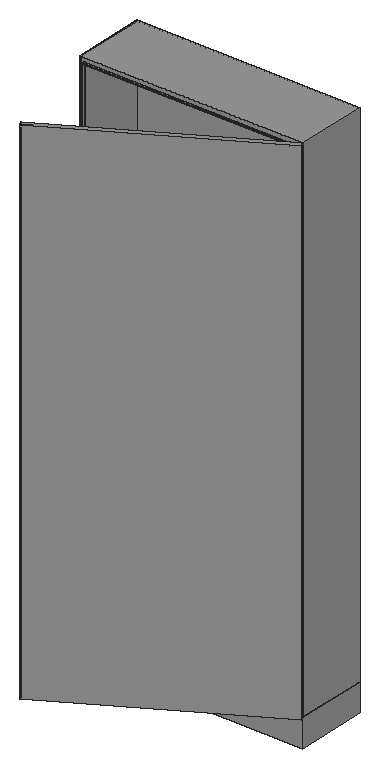
Revit family "Hager-Univers-IP55-D275-H1950-Cl.II-Steel_encl-NoHosted-FR-fr", category Electrical Equipment, Revit 2020
Family settings
  Panel Configuration = Two Columns, Circuits Across
  Round Connector Dimension = Use Diameter
  Part Type = Panelboard
  Work Plane-Based = Yes
  Always vertical = Yes
  Cut with Voids When Loaded = No
  Shared = No
  Room Calculation Point = No
Parameters (values of type "installation au sol IP55 L800 H1950 P275  - FR23S1")
  Width Control [instance] = if([EF000008 - largeur] > Min Width, [EF000008 - largeur], Min Width)  # 800 mm
  Type Comments = [HG000003 - Gamme]  # "Univers"
  Thickness Door [instance] = if([EF009171 - épaisseur de matériau de la porte/du couvercle] > 3 mm, 3 mm, [EF009171 - épaisseur de matériau de la porte/du couvercle])  # 1.5 mm
  Seal Frame Offset [instance] = 17 mm  # constant formula
  Plinth Visibility [instance] = [HG000027 - Hauteur du socle] > 0 mm  # yes
  Min Width [instance] = 100 mm  # constant formula
  Min Depth [instance] = (2 * [EF009170 - épaisseur de matériau du boîtier]) + 1 mm  # 4 mm
  Min Height [instance] = 100 mm  # constant formula
  Internal Frame Depth [instance] = (Door System Depth * 0.5)  # 9 mm
  Panel Name [instance] = ""  # (empty or 0)
  Model = ""
  HG000027 - Hauteur du socle = 100 mm
  HG000026 - Installation au sol = yes
  HG000024 - Hauteur de la section basse = 600 mm
  HG000023 - Armoire double section = no
  HG000016 - Visibilité de la porte 3D [instance] = yes
  HG000015 - Visibilité de l'emprise de la porte [instance] = no
  HG000014 - Porte à droite [instance] = yes
  HG000013 - Porte à gauche [instance] = not([HG000014 - Porte à droite])  # no
  HG000012 - Angle de pivotement de la porte [instance] = 30.00°
  HG000010 - Portes asymétriques = no
  HG000009 - Porte à double battant = no
  HG000006 - Encastré = no
  HG000004 - Référence fabricant = "FR23S1"
  HG000003 - Gamme = "Univers"
  HG000002 - avec porte = yes
  Frame Offset Bottom [instance] = 10 mm  # constant formula
  Frame Offset [instance] = 15 mm  # constant formula
  EF015940 - couvercle avec décharge de pression = no
  EF011959 - degré de protection (NEMA) = ""
  EF009554 - nombre d'ouvertures pour plaques à bride = 6
  EF009212 - finition du couvercle = "EV000116 - fermé"
  EF009171 - épaisseur de matériau de la porte/du couvercle = 1.5 mm
  EF009170 - épaisseur de matériau du boîtier = 1.5 mm
  EF008873 - courant nominal (In) = 800 A
  EF007800 - adapté à un parafoudre = no
  EF006306 - avec serrure = no
  EF006244 - couvercle/porte transparent(e) = no
  EF005474 - indice de protection (IP) = "EV006420 - IP55"
  EF004464 - type de porte = "EV002646 - unique"
  EF004427 - nombre de modules = 432
  EF004293 - indice de protection contre les chocs (IK) = "EV008784 - IK10"
  EF003532 - convient pour utilisation à l’extérieur = no
  EF002950 - largeur en nombre de modules = 24
  EF001613 - maintien de fonction = "EV000494 - sans"
  EF001596 - matériau du boîtier/corps = "EV000179 - acier"
  EF001131 - profondeur intérieure = 275 mm
  EF001088 - possibilité de montage en saillie = yes
  EF000437 - nombre d'entrées de conduit = 6
  EF000339 - type de capot = "EV004216 - porte"
  EF000266 - nombre de rangées = 12
  EF000218 - profondeur d'encastrement = 0 mm
  EF000118 - avec cadre/support de montage = no
  EF000116 - numéro RAL = "7035"
  EF000049 - profondeur = 275 mm
  EF000040 - hauteur = 1950 mm
  EF000008 - largeur = 800 mm
  EF000007 - couleur = "EV000270 - gris"
  EF000003 - mode de pose = "EV012274 - installation au sol"
  Door System Leaf Tolerance [instance] = 1.5 mm  # constant formula
  Door System Depth [instance] = 18 mm  # constant formula
  Door Height [instance] = Height Control - [HG000027 - Hauteur du socle]  # 1850 mm
  Description = ""
  Default Elevation = 1219.2 mm
  Connector Offset [instance] = Height Control / 2  # 975 mm
  Manufacturer = "Hager"  # constant formula
  Height Control [instance] = if([EF000040 - hauteur] > Min Height, [EF000040 - hauteur], Min Height)  # 1950 mm
  Depth Control [instance] = if([EF000049 - profondeur] > Min Depth, [EF000049 - profondeur], Min Depth)  # 275 mm
  Bottom Top Plate Trim [instance] = 1.5 mm  # constant formula
  Plinth height Ctrl [instance] = if([HG000027 - Hauteur du socle] > 0 mm, [HG000027 - Hauteur du socle], 12 mm)  # 100 mm
Types (6, lengths in mm): name | Width Control | HG000010 - Portes asymétriques | HG000009 - Porte à double battant | HG000004 - Référence fabricant | EF009554 - nombre d'ouvertures pour plaques à bride | EF004464 - type de porte | EF004427 - nombre de modules | EF000437 - nombre d'entrées de conduit | EF000008 - largeur
  installation au sol IP55 L1050 H1950 P275  - FR24S1 | 1050 | yes | yes | "FR24S1" | 8 | "EV003602 - double" | 576 | 8 | 1050
  installation au sol IP55 L1300 H1950 P275  - FR25S1 | 1300 | yes | yes | "FR25S1" | 10 | "EV003602 - double" | 720 | 10 | 1300
  installation au sol IP55 L1550 H1950 P275  - FR26S1 | 1550 | yes | yes | "FR26S1" | 12 | "EV003602 - double" | 864 | 12 | 1550
  installation au sol IP55 L300 H1950 P275  - FR21S1 | 300 | no | no | "FR21S1" | 2 | "EV002646 - unique" | 144 | 2 | 300
  installation au sol IP55 L550 H1950 P275  - FR22S1 | 550 | no | no | "FR22S1" | 4 | "EV002646 - unique" | 288 | 4 | 550
  installation au sol IP55 L800 H1950 P275  - FR23S1 | 800 | no | no | "FR23S1" | 6 | "EV002646 - unique" | 432 | 6 | 800
Reference planes
  plane 1 "Center (Front/Back)": y = 0
  plane 2: z = 0
  plane 3 "Center (Left/Right)": x = 0
  plane 4: y = 0
  plane 5: y = 0
  plane 6: z = 0
  plane 7: x = -400
  plane 8: x = 400
  plane 9: x = 398.5
  plane 10: x = -398.5
  plane 11: z = 100
  plane 12: z = 101.5
  plane 13: y = -275
  plane 14: y = -1.5
  plane 15: x = 0
  plane 16: y = -257
  plane 17: y = -273.5
  plane 18: y = -255.5
  plane 19: x = -383.5
  plane 20: x = 383.5
  plane 21: z = 111.5
  plane 22: x = -383
  plane 23: x = 383
  plane 24: z = 100
  plane 25: z = 1950
  plane 26: z = 1950
  plane 27: z = 1933.5
  plane 28: z = 1948.5
Forms (mm)
  Extrusion 1, solid, material "Hager_Steel_RAL7035_Light_Grey", detail levels medium+fine
    sketch origin (-208.679, -4572, 100) x (-1, 0, 0) y (0, -1, 0)
      loop
        line (191.321, -4315) -> (-608.679, -4315) -> (-608.679, -4572) -> (191.321, -4572) -> (191.321, -4315)
    from 0 to 1850
  Extrusion 2, void
    sketch origin (-350.771, -275, 1219.2) x (1, 0, 0) y (0, 0, 1)
      loop
        line (-47.729, 729.3) -> (-47.729, -1117.7) -> (749.271, -1117.7) -> (749.271, 729.3) -> (-47.729, 729.3)
    from -19.5 to -273.5
  Extrusion 3, void
    sketch origin (-290.084, -257, 1219.2) x (1, 0, 0) y (0, 0, 1)
      loop
        line (-93.416, -1107.7) -> (673.584, -1107.7) -> (673.584, 714.3) -> (-93.416, 714.3) -> (-93.416, -1107.7)
    from 0 to -1.5
  Extrusion 4, solid, material "Hager_Steel_RAL7035_Light_Grey", visible <- "Plinth Visibility", detail levels medium+fine
    sketch origin (0, 0, 0) x (1, 0, 0) y (0, 1, 0)
      loop
        line (-400, 0) -> (-400, -257) -> (400, -257) -> (400, 0) -> (-400, 0)
    from 0 to 100 <- "Plinth height Ctrl"
  Extrusion 5, solid, material "Hager_Steel_RAL7035_Light_Grey", detail levels coarse
    sketch origin (0, 0, 0) x (1, 0, 0) y (0, 1, 0)
      loop
        line (-400, 0) -> (-400, -275) -> (400, -275) -> (400, 0) -> (-400, 0)
    from 0 to 1950 <- "Height Control"
  Sweep 6, void
    path in 3D
      loop
        line (-400, -257, 100) -> (400, -257, 100) -> (400, 0, 100) -> (-400, 0, 100) -> (-400, -257, 100)
    profile origin (-400, -128.5, 100) x (1, 0, 0) y (0, 0, 1)
      loop
        line (0, 0) -> (0, -1.5) -> (1.5, -1.5)
        arc (1.5, -1.5) -> (1.061, -0.439) -> (0, 0) r 1.5
  Extrusion 7, solid, material "Hager_Steel_RAL7035_Light_Grey", detail levels fine
    sketch origin (-400, -257, 100) x (1, 0, 0) y (0, 0, 1)
      loop
        line (16.5, 11.5) -> (783.5, 11.5) -> (783.5, 1833.5) -> (16.5, 1833.5) -> (16.5, 11.5)
      loop
        line (15, 10) -> (785, 10) -> (785, 1835) -> (15, 1835) -> (15, 10)
    from 0 to 9 <- "Internal Frame Depth"
Cuts and joins
  Extrusion 2, Extrusion 3 cuts Extrusion 1
  Sweep 6 cuts Extrusion 4
Lines and regions (mm)
  Masking region 1
    outline origin (0, 0, 0) x (1, 0, 0) y (0, 1, 0)
      loop
        line (-400, 0) -> (-400, -275) -> (400, -275) -> (400, 0) -> (-400, 0)
  Masking region 2, detail levels coarse
    outline origin (-290.084, -257, 1219.2) x (-1, 0, 0) y (0, 0, 1)
      loop
        line (-690.084, -1219.2) -> (109.916, -1219.2) -> (109.916, 730.8) -> (-690.084, 730.8) -> (-690.084, -1219.2)
  Masking region 3, detail levels coarse
    outline origin (0, 0, 0) x (0, 1, 0) y (0, 0, 1)
      loop
        line (0, 0) -> (0, 1950) -> (-275, 1950) -> (-275, 0) -> (0, 0)
  Masking region 4, visible <- "Plinth Visibility", detail levels medium+fine
    outline origin (0, 0, 0) x (0, 1, 0) y (0, 0, 1)
      loop
        line (-1.5, 100) -> (-255.5, 100)
        arc (-255.5, 100) -> (-255.939, 98.939) -> (-257, 98.5) r 1.5
        line (-257, 98.5) -> (-257, 0) -> (0, 0) -> (0, 98.5)
        arc (0, 98.5) -> (-1.061, 98.939) -> (-1.5, 100) r 1.5
  Masking region 5, detail levels medium+fine
    outline origin (0, 0, 594.038) x (0, 1, 0) y (0, 0, 1)
      loop
        line (0, -494.038) -> (0, 1355.962) -> (-257, 1355.962) -> (-257, -494.038) -> (0, -494.038)
  Masking region 6, detail levels medium+fine
    outline origin (-359.7, -257, 1211.883) x (-1, 0, 0) y (0, 0, 1)
      loop
        line (-759.7, -1111.883) -> (40.3, -1111.883) -> (40.3, 738.117) -> (-759.7, 738.117) -> (-759.7, -1111.883)
  Masking region 7, visible <- "Plinth Visibility", detail levels medium+fine
    outline origin (-320.334, -257, 1041.368) x (-1, 0, 0) y (0, 0, 1)
      loop
        line (-720.334, -1041.368) -> (79.666, -1041.368) -> (79.666, -942.868)
        arc (79.666, -942.868) -> (78.606, -942.429) -> (78.166, -941.368) r 1.5
        line (78.166, -941.368) -> (-718.834, -941.368)
        arc (-718.834, -941.368) -> (-719.273, -942.429) -> (-720.334, -942.868) r 1.5
        line (-720.334, -942.868) -> (-720.334, -1041.368)
  sketch lines
    curve 1: line (-400, 0, 100) -> (-400, -257, 100)
    curve 2: line (-400, -257, 100) -> (400, -257, 100)
    curve 3: line (400, 0, 100) -> (-400, 0, 100)
    curve 4: line (400, -257, 100) -> (400, 0, 100)
Dimensions and locks
  locked: plane 1 "Center (Front/Back)" to plane 5
  "EF009170 - épaisseur de matériau du boîtier": plane 7 to plane 10
  "EF009170 - épaisseur de matériau du boîtier": plane 8 to plane 9
  equal spacing: plane 7, plane 3 "Center (Left/Right)", plane 8
  "Width Control": plane 7 to plane 8
  "Depth Control": plane 4 to plane 13
  "EF009170 - épaisseur de matériau du boîtier": plane 4 to plane 14
  "Height Control": plane 25 to level
  "HG000027 - Hauteur du socle": plane 11 to level
  "EF009170 - épaisseur de matériau du boîtier": plane 12 to plane 11
  "EF009170 - épaisseur de matériau du boîtier": plane 17 to plane 13
  "EF009170 - épaisseur de matériau du boîtier": plane 18 to plane 16
  "Frame Offset Bottom": plane 21 to plane 12
  "Frame Offset": plane 10 to plane 19
  "Frame Offset": plane 9 to plane 20
  "Door System Depth": plane 16 to plane 13
  "Seal Frame Offset": plane 7 to plane 22
  "Seal Frame Offset": plane 8 to plane 23
  "EF009170 - épaisseur de matériau du boîtier": plane 26 to plane 28
  "Frame Offset": plane 28 to plane 27
  "Connector Offset": plane 2 to connector elem
  "Bottom Top Plate Trim": profile plane to Sweep 6 sketch curve
  "Bottom Top Plate Trim": Sweep 6 sketch curve to Sweep 6 sketch curve
  "Plinth height Ctrl": Masking region 4 sketch curve to level
  "Plinth height Ctrl": Masking region 7 sketch curve to level
  "Thickness Door": Extrusion 7 sketch curve to Extrusion 7 sketch curve  (x4)
  "Bottom Top Plate Trim": radius of Sweep 6 sketch curve
  "Bottom Top Plate Trim": radius of Masking region 4 sketch curve  (x2)
  "Bottom Top Plate Trim": radius of Masking region 7 sketch curve  (x2)
  aligned and locked: Extrusion 2 sketch curve to plane 12
  aligned and locked: Extrusion 2 sketch curve to plane 9
  aligned and locked: Extrusion 2 sketch curve to plane 10
  aligned and locked: Extrusion 2 to plane 14
  aligned and locked: Extrusion 1 sketch curve to plane 4
  aligned and locked: plane 8 to Extrusion 1 sketch curve
  aligned and locked: plane 7 to Extrusion 1 sketch curve
  aligned and locked: Extrusion 2 to plane 18
  aligned and locked: Extrusion 3 sketch curve to plane 19
  aligned and locked: plane 20 to Extrusion 3 sketch curve
  aligned and locked: Extrusion 3 to Extrusion 2
  aligned and locked: Extrusion 3 sketch curve to plane 21
  aligned and locked: plane 3 "Center (Left/Right)" to nested 1
  aligned and locked: Extrusion 1 sketch curve to plane 16
  aligned and locked: Extrusion 4 sketch curve to cut or joined group of Extrusion 1, Extrusion 2, Extrusion 3
  aligned and locked: Masking region 1 sketch curve to plane 7
  aligned and locked: Masking region 1 sketch curve to plane 5
  aligned and locked: Masking region 1 sketch curve to plane 8
  aligned and locked: Masking region 2 sketch curve to level
  aligned and locked: level to Masking region 3 sketch curve
  aligned and locked: plane 1 "Center (Front/Back)" to Masking region 3 sketch curve
  aligned and locked: plane 13 to Masking region 3 sketch curve
  aligned and locked: plane 5 to Masking region 4 sketch curve
  aligned and locked: Masking region 2 sketch curve to plane 8
  aligned and locked: Masking region 2 sketch curve to plane 7
  aligned and locked: plane 7 to nested 2
  aligned and locked: nested 2 to plane 5
  aligned and locked: plane 5 to Masking region 5 sketch curve
  aligned and locked: plane 26 to Masking region 5 sketch curve
  aligned and locked: Extrusion 5 sketch curve to plane 8
  aligned and locked: Extrusion 5 sketch curve to plane 7
  aligned and locked: Extrusion 5 sketch curve to plane 5
  aligned and locked: Extrusion 3 sketch curve to plane 27
  aligned and locked: Extrusion 2 sketch curve to plane 28
  aligned and locked: Masking region 2 to plane 25
  aligned and locked: Extrusion 4 to plane 16
  aligned and locked: profile plane to Sweep 6 sketch curve
  aligned and locked: Masking region 5 sketch curve to plane 24
  aligned and locked: level to Masking region 4 sketch curve
  aligned and locked: Masking region 1 to plane 13
  aligned and locked: nested 1 to plane 16
  aligned and locked: Masking region 3 to plane 25
  aligned and locked: plane 16 to Masking region 4 sketch curve
  aligned and locked: Masking region 5 sketch curve to plane 16
  aligned and locked: plane 24 to plane 11
  aligned and locked: plane 26 to plane 25
  aligned and locked: plane 26 to cut or joined group of Extrusion 1, Extrusion 2, Extrusion 3
  aligned and locked: nested 1 to plane 24
  aligned and locked: Extrusion 1 to Extrusion 3
  aligned and locked: Masking region 6 sketch curve to plane 8
  aligned and locked: Masking region 6 sketch curve to plane 24
  aligned and locked: Masking region 6 sketch curve to plane 7
  aligned and locked: Masking region 6 sketch curve to plane 26
  aligned and locked: Masking region 7 sketch curve to plane 7
  aligned and locked: level to Masking region 7 sketch curve
  aligned and locked: Masking region 7 sketch curve to plane 8
  aligned and locked: Extrusion 7 sketch curve to cut or joined group of Extrusion 1, Extrusion 2, Extrusion 3  (x4)
Automatic sketch dimensions
  plane 19 to Extrusion 3 sketch curve = 0 mm
  Extrusion 3 sketch curve to plane 20 = 0 mm
  Extrusion 3 sketch curve to plane 21 = 0 mm
  Extrusion 4 sketch curve to plane 7 = 0 mm
  Extrusion 4 sketch curve to plane 8 = 0 mm
  Extrusion 4 sketch curve to plane 16 = 0 mm
  Masking region 1 sketch curve to plane 13 = 0 mm
  Masking region 2 sketch curve to plane 25 = 0 mm
  Masking region 3 sketch curve to plane 25 = 0 mm
  Extrusion 5 sketch curve to plane 13 = 0 mm
  profile plane to Sweep 6 sketch curve = 0 mm
Nested families
  nested 1: "EC000058_Univers_Door" at (0, -257, 100), Double <- "HG000009 - Porte à double battant", Transparent <- "EF006244 - couvercle/porte transparent(e)", Angle <- "HG000012 - Angle de pivotement de la porte", Door_Right <- "HG000014 - Porte à droite", Assymetrical <- "HG000010 - Portes asymétriques", Door <- "HG000002 - avec porte", Width_Ctrl <- "Width Control", 3d_Door <- "HG000016 - Visibilité de la porte 3D", Clearance <- "HG000015 - Visibilité de l'emprise de la porte", Door_Left <- "HG000013 - Porte à gauche", Width <- "Width Control", Door_Depth <- "Door System Depth", Leaf_Tolerance <- "Door System Leaf Tolerance", Height <- "Door Height", Lock_Visibility <- "EF006306 - avec serrure", Thickness <- "Thickness Door", type "EC000058_Univers_Door", detail levels medium+fine
    with min_wh 4 mm, Width_Ctrl 800 mm, Width 800 mm, Transparent no, Thickness 1.5 mm, Seal_Material Hager_Rubber, Lock_Visibility no, Lock_Material Hager_Plastic_RAL9005_Jet_Black, Leaf_Width 800 mm, Leaf_Tolerance_External_Sides 0 mm, Leaf_Tolerance 1.5 mm, Leaf_Offset 0 mm, Leaf_Height 1847 mm, Leaf_2_Width 800 mm, Leaf_2_Offset 400 mm, Leaf_1_Width 800 mm, Leaf_1_Offset 400 mm, Height_Ctrl 1850 mm, Height 1850 mm, Glass_Material Hager_Glass, Double_Clearance_Ctrl no, Double no, Door_Right_Ctrl yes, Door_Right yes, Door_Material Hager_Steel_RAL7035_Light_Grey, Door_Left_Ctrl no, Door_Left no, Door_Depth 18 mm, Door yes, Clearance_Material Hager_Clearance, Clearance_Depth 800 mm, Clearance_Ctrl no, Clearance no, Assymetrical no, Angle 30.00°, 3d_Door yes
  nested 2: "Hager_Enclosure_Symbol" at (-400, 0, 0), Height <- "Depth Control", Width <- "Width Control", type "Hager_Enclosure_Symbol"
    with Width_Ctrl 800 mm, Width 800 mm, Height_Ctrl 275 mm, Height 275 mm, A_Width_Int 18.047 mm, A_Width 216.562 mm, A_Height_Ctrl 240.625 mm, A_Height 240.625 mm
Connectors
  electrical at (0, 0, 975)
    settings: on plane 1 "Center (Front/Back)", index 1, voltage 0 V, apparent load 0 VA, apparent load phase1 0 VA, apparent load phase2 0 VA, apparent load phase3 0 VA, power factor 1, load classification "Other", number of poles 1, system type 30, power factor state 1, is connector primary yes, connector utility no, sub classification motor no, connector description ""
Definition of nested family "EC000058_Univers_Door"
  Parameters (values of type "EC000058_Univers_Door")
    min_wh [instance] = (2 * Thickness) + 1 mm  # 11 mm
    Width_Ctrl [instance] = 400 mm
    Width [instance] = 500 mm
    Transparent [instance] = yes
    Thickness [instance] = 5 mm
    Seal_Material [instance] = none
    Lock_Visibility [instance] = yes
    Lock_Material [instance] = none
    Leaf_Width [instance] = if((Width_Ctrl - 2 * Leaf_Tolerance_External_Sides) > 0 mm, (Width_Ctrl - 2 * Leaf_Tolerance_External_Sides), min_wh)  # 400 mm
    Leaf_Tolerance_External_Sides [instance] = 0 mm  # constant formula
    Leaf_Tolerance [instance] = 1.5 mm
    Leaf_Offset [instance] = 0 mm  # constant formula
    Leaf_Height [instance] = if((Height_Ctrl - 2 * Leaf_Tolerance) > 0 mm, (Height_Ctrl - 2 * Leaf_Tolerance), min_wh)  # 497 mm
    Leaf_2_Width [instance] = if(and(and(Double, Assymetrical), Door_Left), (Leaf_Width / 3) - (Leaf_Tolerance / 2), if(and(and(Double, Assymetrical), Door_Right), (Leaf_Width / 3) * 2 - (Leaf_Tolerance / 2), if(and(Double, not(Assymetrical)), (Leaf_Width / 2) - Leaf_Tolerance, Leaf_Width)))  # 400 mm
    Leaf_2_Offset [instance] = if(and(Double, Assymetrical), Leaf_2_Width / 2, if(and(Double, not(Assymetrical)), Leaf_Width / 4, Leaf_Width / 2))  # 200 mm
    Leaf_1_Width [instance] = if(and(and(Double, Assymetrical), Door_Right), (Leaf_Width / 3) - (Leaf_Tolerance / 2), if(and(and(Double, Assymetrical), Door_Left), (Width / 3) * 2 - (Leaf_Tolerance / 2), if(and(Double, not(Assymetrical)), (Leaf_Width / 2) - Leaf_Tolerance, Leaf_Width)))  # 400 mm
    Leaf_1_Offset [instance] = if(and(Double, Assymetrical), Leaf_1_Width / 2, if(and(Double, not(Assymetrical)), Leaf_Width / 4, Leaf_Width / 2))  # 200 mm
    Height_Ctrl [instance] = if(Height > min_wh, Height, min_wh)  # 500 mm
    Height [instance] = 500 mm
    Glass_Material [instance] = none
    Double_Clearance_Ctrl [instance] = and(Double, Clearance)  # no
    Double [instance] = no
    Door_Right_Ctrl [instance] = and(or(Door_Right, Double), Door)  # yes
    Door_Right [instance] = yes
    Door_Material [instance] = none
    Door_Left_Ctrl [instance] = and(or(Door_Left, Double), Door)  # no
    Door_Left [instance] = no
    Door_Depth [instance] = 30 mm
    Door [instance] = yes
    Default Elevation = 1219.2 mm
    Clearance_Material [instance] = none
    Clearance_Depth [instance] = if(Leaf_1_Width > Leaf_2_Width, Leaf_1_Width, Leaf_2_Width)  # 400 mm
    Clearance_Ctrl [instance] = and(not(Double), Clearance)  # yes
    Clearance [instance] = yes
    Assymetrical [instance] = yes
    Angle [instance] = 30.00°
    3d_Door [instance] = yes
  Reference planes
    plane 1 "Center (Front/Back)": y = 0
    plane 2 "Bottom": z = 0
    plane 3 "Center (Left/Right)": x = 0
    plane 4: z = 500
    plane 5: x = -200
    plane 6: x = 200
    plane 7: z = 500
    plane 8: x = -200
    plane 9: z = 0
    plane 10: x = 200
    plane 11: y = 0
    plane 12: z = 1.5
    plane 13: x = -600
    plane 14: y = -400
    plane 15: x = 600
    plane 16: x = 0
    plane 17: x = 0
    plane 18: x = -200
    plane 19: x = 200
    plane 20: z = 498.5
  Forms (mm)
    Extrusion 1, solid, material <- "Clearance_Material", visible <- "Double_Clearance_Ctrl"
      sketch origin (1200, 0, 0) x (1, 0, 0) y (0, 0, -1)
        loop
          line (-1800, -498.5) -> (-600, -498.5) -> (-600, 0) -> (-1800, 0) -> (-1800, -498.5)
      from 0 to -400
  Dimensions and locks
    equal spacing: plane 5, plane 3 "Center (Left/Right)", plane 6
    "Width_Ctrl": plane 5 to plane 6
    "Leaf_Offset": plane 5 to plane 8
    "Leaf_Offset": plane 6 to plane 10
    "Leaf_Offset": plane 9 to level
    "Leaf_Offset": plane 4 to plane 7
    "Height_Ctrl": plane 4 to level
    "Leaf_Tolerance": plane 12 to plane 9
    locked: plane 11 to plane 1 "Center (Front/Back)"
    "Leaf_1_Offset": plane 18 to plane 16
    "Leaf_2_Offset": plane 17 to plane 19
    "Leaf_1_Width": plane 13 to plane 8
    "Leaf_2_Width": plane 10 to plane 15
    "Clearance_Depth": plane 14 to plane 1 "Center (Front/Back)"
    "Leaf_Tolerance_External_Sides": plane 8 to plane 18
    "Leaf_Tolerance_External_Sides": plane 19 to plane 10
    "Leaf_Tolerance": plane 7 to plane 20
    aligned and locked: level to plane 2 "Bottom"
    aligned and locked: nested 1 to plane 16
    aligned and locked: nested 2 to plane 17
    aligned and locked: Extrusion 1 to plane 13
    aligned and locked: plane 15 to Extrusion 1
    aligned and locked: Extrusion 1 to plane 14
    aligned and locked: plane 12 to nested 1
    aligned and locked: nested 2 to plane 12
    aligned and locked: Extrusion 1 to plane 11
    aligned and locked: plane 20 to Extrusion 1
    aligned and locked: nested 2 to plane 11
    aligned and locked: nested 1 to plane 11
  Automatic sketch dimensions
    Extrusion 1 sketch curve to level = 0 mm
    plane 5 to Extrusion 1 sketch curve = 400 mm
    plane 6 to Extrusion 1 sketch curve = 400 mm
    Extrusion 1 sketch curve to plane 4 = 1.5 mm
  Nested families
    nested 1: "EC000058_Univers_Door_Leaf" at (0, 0, 1.5), Width <- "Leaf_1_Width", visible <- "Door_Left_Ctrl", Leaf_Height <- "Leaf_Height", Angle <- "Angle", 3d_Door <- "3d_Door", Transparent <- "Transparent", Clearance Material <- "Clearance_Material", Clearance <- "Clearance_Ctrl", Door_Material <- "Door_Material", Glass_Material <- "Glass_Material", Door_Depth <- "Door_Depth", Lock_Material <- "Lock_Material", Seal_Material <- "Seal_Material", Lock_Visibility <- "Lock_Visibility", Thickness <- "Thickness", type "EC000058_Univers_Door_Leaf"
      with Width 400 mm, Transparent_Glass_Offset 30 mm, Transparent_Ctrl yes, Transparent yes, Thickness 5 mm, Standard no, Seal_Material none, Seal_D2 8 mm, Seal_D1 1 mm, Offset_Internal_Frame 10 mm, Lock_Width 20 mm, Lock_Visibility_3d yes, Lock_Visibility yes, Lock_Thickness_3 3 mm, Lock_Thickness_2 1 mm, Lock_Thickness_1 3 mm, Lock_Radius_Offset_2 16 mm, Lock_Radius_Offset_1 15 mm, Lock_Radius_2 5 mm, Lock_Radius 6 mm, Lock_Offset 5 mm, Lock_Material none, Lock_Height 80 mm, Lock_Cover_Top_Offset_2d 17 mm, Lock_Cover_Height -65 mm, Leaf_Height 497 mm, Internal_Seal_Thickness 8 mm, Internal_Seal_Depth_2 4.5 mm, Internal_Frame_Depth 25 mm, Glass_Thickness -1 mm, Glass_Offset -2 mm, Glass_Material none, Door_Material none, Door_Depth 30 mm, Clearance Material none, Clearance yes, Angle_Ctrl 30.00°, Angle 30.00°, 3d_Door yes
    nested 2: "EC000058_Univers_Door_Leaf" at (0, 0, 1.5) x (-1, 0, 0) z (0, 0, 1), Width <- "Leaf_2_Width", visible <- "Door_Right_Ctrl", Leaf_Height <- "Leaf_Height", Angle <- "Angle", 3d_Door <- "3d_Door", Transparent <- "Transparent", Clearance Material <- "Clearance_Material", Clearance <- "Clearance_Ctrl", Door_Material <- "Door_Material", Glass_Material <- "Glass_Material", Door_Depth <- "Door_Depth", Lock_Material <- "Lock_Material", Seal_Material <- "Seal_Material", Lock_Visibility <- "Lock_Visibility", Thickness <- "Thickness", type "EC000058_Univers_Door_Leaf"
      with Width 400 mm, Transparent_Glass_Offset 30 mm, Transparent_Ctrl yes, Transparent yes, Thickness 5 mm, Standard no, Seal_Material none, Seal_D2 8 mm, Seal_D1 1 mm, Offset_Internal_Frame 10 mm, Lock_Width 20 mm, Lock_Visibility_3d yes, Lock_Visibility yes, Lock_Thickness_3 3 mm, Lock_Thickness_2 1 mm, Lock_Thickness_1 3 mm, Lock_Radius_Offset_2 16 mm, Lock_Radius_Offset_1 15 mm, Lock_Radius_2 5 mm, Lock_Radius 6 mm, Lock_Offset 5 mm, Lock_Material none, Lock_Height 80 mm, Lock_Cover_Top_Offset_2d 17 mm, Lock_Cover_Height -65 mm, Leaf_Height 497 mm, Internal_Seal_Thickness 8 mm, Internal_Seal_Depth_2 4.5 mm, Internal_Frame_Depth 25 mm, Glass_Thickness -1 mm, Glass_Offset -2 mm, Glass_Material none, Door_Material none, Door_Depth 30 mm, Clearance Material none, Clearance yes, Angle_Ctrl 30.00°, Angle 30.00°, 3d_Door yes
  Definition of nested family "EC000058_Univers_Door_Leaf"
    Parameters (values of type "EC000058_Univers_Door_Leaf")
      Width [instance] = 2000 mm
      Transparent_Glass_Offset [instance] = 30 mm
      Transparent_Ctrl [instance] = and(Transparent, [3d_Door])  # yes
      Transparent [instance] = yes
      Thickness [instance] = 5 mm
      Standard [instance] = and(not(Transparent), [3d_Door])  # no
      Seal_Material [instance] = none
      Seal_D2 [instance] = 8 mm  # constant formula
      Seal_D1 [instance] = 1 mm  # constant formula
      Offset_Internal_Frame [instance] = 10 mm  # constant formula
      Lock_Width [instance] = 20 mm  # constant formula
      Lock_Visibility_3d [instance] = and(Lock_Visibility, [3d_Door])  # yes
      Lock_Visibility [instance] = yes
      Lock_Thickness_3 [instance] = 3 mm  # constant formula
      Lock_Thickness_2 [instance] = 1 mm  # constant formula
      Lock_Thickness_1 [instance] = 3 mm  # constant formula
      Lock_Radius_Offset_2 [instance] = Lock_Radius_Offset_1 + 1 mm  # 16 mm
      Lock_Radius_Offset_1 [instance] = 15 mm  # constant formula
      Lock_Radius_2 [instance] = Lock_Radius - 1 mm  # 5 mm
      Lock_Radius [instance] = 6 mm  # constant formula
      Lock_Offset [instance] = 5 mm  # constant formula
      Lock_Material [instance] = none
      Lock_Height [instance] = 80 mm  # constant formula
      Lock_Cover_Top_Offset_2d [instance] = Lock_Radius_Offset_2 + 1 mm  # 17 mm
      Lock_Cover_Height [instance] = -(Lock_Height - Lock_Radius_Offset_1)  # -65 mm
      Leaf_Height [instance] = 2720.336 mm
      Internal_Seal_Thickness [instance] = 8 mm  # constant formula
      Internal_Seal_Depth_2 [instance] = 4.5 mm  # constant formula
      Internal_Frame_Depth [instance] = if(Door_Depth - Thickness > 5 mm, Door_Depth - Thickness, 5 mm)  # 25 mm
      Glass_Thickness [instance] = if(Thickness > 15 mm, Glass_Offset + 10 mm, -1 mm)  # -1 mm
      Glass_Offset [instance] = if(Thickness > 15 mm, -(Thickness + 10 mm) / 2, -2 mm)  # -2 mm
      Glass_Material [instance] = none
      Door_Material [instance] = none
      Door_Depth [instance] = 30 mm
      Default Elevation = 0 mm
      Clearance Material [instance] = none
      Clearance [instance] = yes
      Angle_Ctrl [instance] = if(Angle > 180.00°, 180.00°, Angle)  # 90.00°
      Angle [instance] = 90.00°
      3d_Door [instance] = yes
    Reference planes
      plane 1 "Center (Front/Back)": y = 0
      plane 2: z = 0
      plane 3 "Center (Left/Right)": x = 0
      plane 4: y = 2000
      plane 5: x = -1000
      plane 6: x = 1000
      plane 7: x = -3000
      plane 8: z = 2720.336
      plane 9: z = 30
      plane 10: z = 2690.336
      plane 11: x = 970
      plane 12: x = -970
      plane 13: y = -3
      plane 14: z = 107.833
      plane 15: y = -5
      plane 16: y = -223.314
      plane 17: x = -1000
      plane 18: z = 1360.168
      plane 19: y = 30
    Forms (mm)
      Extrusion 1, solid, material <- "Clearance Material", visible <- "Clearance"
        sketch origin (0, 0, 0) x (1, 0, 0) y (0, 0, 1)
          loop
            line (-3000, 2720.336) -> (-3000, 0) -> (1000, 0) -> (1000, 2720.336) -> (-3000, 2720.336)
        from 0 to -2000
      Extrusion 2, solid, material <- "Door_Material", visible <- "Standard", detail levels medium+fine
        sketch origin (-1000, 0, 0) x (0, 1, 0) y (-1, 0, 0)
          loop
            line (0, 30) -> (0, 25) -> (2000, 25) -> (2000, 30) -> (0, 30)
        from 0 to 2720.336 <- "Leaf_Height"
      Extrusion 3, solid, material <- "Door_Material", visible <- "Transparent_Ctrl", detail levels medium+fine
        sketch origin (-1000, 0, 0) x (0, 1, 0) y (-1, 0, 0)
          loop
            line (0, 25) -> (2000, 25) -> (2000, 30) -> (0, 30) -> (0, 25)
        from 0 to 2720.336 <- "Leaf_Height"
      Extrusion 4, void
        sketch origin (-1025, 2000, 0) x (0, 1, 0) y (0, 0, -1)
          loop
            line (-30, -2690.336) -> (-30, -30) -> (-1970, -30) -> (-1970, -2690.336) -> (-30, -2690.336)
        from 0 to 5 <- "Thickness"
      Sweep 5, solid, material <- "Seal_Material", visible <- "Transparent_Ctrl", detail levels fine
        path in 3D
          loop
            line (-1025, 30, 30) -> (-1025, 30, 2690.336) -> (-1025, 1970, 2690.336) -> (-1025, 1970, 30) -> (-1025, 30, 30)
        profile origin (-1025, 1000, 30) x (1, 0, 0) y (0, 0, 1)
          loop
            line (0, 0) -> (0, -8) -> (1, -8) -> (1, 0) -> (0, 0)
      Extrusion 6, solid, material <- "Glass_Material", visible <- "Transparent_Ctrl", detail levels medium+fine
        sketch origin (-1030, 0, 0) x (0, 1, 0) y (0, 0, -1)
          loop
            line (1970, -2690.336) -> (1970, -30) -> (30, -30) -> (30, -2690.336) -> (1970, -2690.336)
        from -2 <- "Glass_Offset" to -1 <- "Glass_Thickness"
      Extrusion 7, solid, material <- "Door_Material", visible <- "3d_Door", detail levels medium+fine
        sketch origin (-1025, 2000, 0) x (0, -1, 0) y (0, 0, -1)
          loop
            line (0, -2720.336) -> (2000, -2720.336) -> (2000, 0) -> (0, 0) -> (0, -2720.336)
          loop
            line (1995, -5) -> (5, -5) -> (5, -2715.336) -> (1995, -2715.336) -> (1995, -5)
        from 0 to 25 <- "Internal_Frame_Depth"
      Sweep 8, solid, material <- "Seal_Material", visible <- "Transparent_Ctrl", detail levels fine
        path in 3D
          loop
            line (-1025, 0, 0) -> (-1025, 2000, 0) -> (-1025, 2000, 2720.336) -> (-1025, 0, 2720.336) -> (-1025, 0, 0)
        profile origin (-1025, 0, 1360.168) x (1, 0, 0) y (0, 1, 0)
          loop
            line (0, 10) -> (2.975, 10)
            arc (2.975, 10) -> (4.053, 10.447) -> (4.5, 11.525) r 1.525
            line (4.5, 11.525) -> (4.5, 16.527)
            arc (4.5, 16.527) -> (4.069, 17.569) -> (3.027, 18) r 1.473
            line (3.027, 18) -> (0, 18) -> (0, 10)
      Extrusion 9, solid, material <- "Lock_Material", visible <- "Lock_Visibility_3d", detail levels fine
        sketch origin (-1030, 0, 0) x (0, 1, 0) y (0, 0, -1)
          loop
            arc (1993.5, -1400.168) -> (1994.561, -1399.729) -> (1995, -1398.668) r 1.5
            line (1995, -1398.668) -> (1995, -1320.168) -> (1975, -1320.168) -> (1975, -1398.668)
            arc (1975, -1398.668) -> (1975.439, -1399.729) -> (1976.5, -1400.168) r 1.5
            line (1976.5, -1400.168) -> (1993.5, -1400.168)
        from 3 <- "Lock_Thickness_1" to 0
      Blend 10, solid, material <- "Lock_Material", visible <- "Lock_Visibility_3d", detail levels fine
        base sketch origin (-1033, 0, 0) x (0, 1, 0) y (0, 0, -1)
          loop
            line (1975, -1320.168) -> (1975, -1398.668)
            arc (1975, -1398.668) -> (1975.439, -1399.729) -> (1976.5, -1400.168) r 1.5
            line (1976.5, -1400.168) -> (1993.5, -1400.168)
            arc (1993.5, -1400.168) -> (1994.561, -1399.729) -> (1995, -1398.668) r 1.5
            line (1995, -1398.668) -> (1995, -1320.168) -> (1975, -1320.168)
        top sketch origin (-1033, 0, 0) x (0, 1, 0) y (0, 0, -1)
          loop
            line (1976, -1320.168) -> (1976, -1398.668)
            arc (1976, -1398.668) -> (1976.146, -1399.022) -> (1976.5, -1399.168) r 0.5
            line (1976.5, -1399.168) -> (1993.5, -1399.168)
            arc (1993.5, -1399.168) -> (1993.854, -1399.022) -> (1994, -1398.668) r 0.5
            line (1994, -1398.668) -> (1994, -1320.168) -> (1976, -1320.168)
        from 0 to 1 <- "Lock_Thickness_2"
      Blend 11, solid, material <- "Lock_Material", visible <- "Lock_Visibility_3d", detail levels fine
        base sketch origin (-1034, 0, 0) x (0, 1, 0) y (0, 0, -1)
          loop
            line (1978, -1320.168) -> (1978, -1384.168)
            arc (1978, -1384.168) -> (1985, -1391.168) -> (1992, -1384.168) r 7
            line (1992, -1384.168) -> (1992, -1320.168) -> (1978, -1320.168)
        top sketch origin (-1034, 0, 0) x (0, 1, 0) y (0, 0, -1)
          loop
            line (1991, -1320.168) -> (1979, -1320.168) -> (1979, -1383.168)
            arc (1979, -1383.168) -> (1985, -1389.168) -> (1991, -1383.168) r 6
            line (1991, -1383.168) -> (1991, -1320.168)
        from 0 to 3 <- "Lock_Thickness_3"
      Extrusion 12, solid, material <- "Lock_Material", visible <- "Lock_Visibility_3d", detail levels fine
        sketch origin (-1030, 1975, 1320.168) x (1, 0, 0) y (0, -1, 0)
          loop
            line (-7, -19) -> (-7, -1) -> (0, -1) -> (0, 0) -> (-8, 0) -> (-8, -20) -> (0, -20) -> (0, -19) -> (-7, -19)
        from 0 to -65 <- "Lock_Cover_Height"
      Extrusion 13, void
        sketch origin (-1038, 1995, 1320.168) x (-1, 0, 0) y (0, 0, -1)
          loop
            line (-5, -65) -> (0, -65) -> (-5, -60) -> (-5, -65)
        from 0 to 20 <- "Lock_Width"
      Extrusion 14, void
        sketch origin (-1038, 1975, 1320.168) x (0, -1, 0) y (0, 0, -1)
          loop
            circle (-10, -15.995) r 6
          loop
            circle (-10, -15.995) r 5
        from 0 to 2
      Extrusion 15, solid, material <- "Lock_Material", visible <- "Lock_Visibility_3d", detail levels medium
        sketch origin (-1030, 0, 0) x (0, 1, 0) y (0, 0, -1)
          loop
            arc (1993.5, -1400.168) -> (1994.561, -1399.729) -> (1995, -1398.668) r 1.5
            line (1995, -1398.668) -> (1995, -1320.168) -> (1975, -1320.168) -> (1975, -1398.668)
            arc (1975, -1398.668) -> (1975.439, -1399.729) -> (1976.5, -1400.168) r 1.5
            line (1976.5, -1400.168) -> (1993.5, -1400.168)
        from 8 to 0
    Cuts and joins
      Extrusion 4 cuts Extrusion 3
      Extrusion 13, Extrusion 14 cuts Extrusion 9
      Extrusion 14 cuts Blend 11
      Extrusion 13, Extrusion 14 cuts Extrusion 12
      joined: Extrusion 9, Blend 10, Blend 11, Extrusion 12
      Extrusion 14 cuts Extrusion 15
    Lines and regions (mm)
      Masking region 1, visible <- "Lock_Visibility", detail levels fine
        outline origin (0, 0, 0) x (0, 1, 0) y (0, 0, 1)
          loop
            line (30, 1320.168) -> (33, 1320.168) -> (33, 1400.168) -> (30, 1400.168) -> (30, 1320.168)
      Masking region 2, visible <- "Lock_Visibility", detail levels fine
        outline origin (0, 3.143, 0) x (0, 1, 0) y (0, 0, 1)
          loop
            line (29.857, 1354.168) -> (30.857, 1354.168) -> (30.857, 1366.168) -> (29.857, 1366.168) -> (29.857, 1354.168)
      Masking region 3, detail levels medium+fine
        outline origin (0, 0, 0) x (0, 1, 0) y (0, 0, 1)
          loop
            line (0, 0) -> (30, 0) -> (30, 2720.336) -> (0, 2720.336) -> (0, 0)
      Masking region 4, detail levels medium+fine
        outline origin (0, 0, 0) x (1, 0, 0) y (0, 0, 1)
          loop
            line (-1000, 2720.336) -> (-1000, 0) -> (1000, 0) -> (1000, 2720.336) -> (-1000, 2720.336)
      Masking region 5, visible <- "Lock_Visibility", detail levels fine
        outline origin (-47.116, 0, 0) x (1, 0, 0) y (0, 0, 1)
          loop
            arc (1024.616, 1399.168) -> (1023.556, 1398.729) -> (1023.116, 1397.668) r 1.5
            line (1023.116, 1397.668) -> (1023.116, 1320.168) -> (1041.116, 1320.168) -> (1041.116, 1397.668)
            arc (1041.116, 1397.668) -> (1040.677, 1398.729) -> (1039.616, 1399.168) r 1.5
            line (1039.616, 1399.168) -> (1024.616, 1399.168)
      Masking region 6, visible <- "Lock_Visibility", detail levels medium+fine
        outline origin (-25, 0, 0) x (1, 0, 0) y (0, 0, 1)
          loop
            arc (1001.5, 1400.168) -> (1000.439, 1399.729) -> (1000, 1398.668) r 1.5
            line (1000, 1398.668) -> (1000, 1320.168) -> (1020, 1320.168) -> (1020, 1398.668)
            arc (1020, 1398.668) -> (1019.561, 1399.729) -> (1018.5, 1400.168) r 1.5
            line (1018.5, 1400.168) -> (1001.5, 1400.168)
      Masking region 7, visible <- "Lock_Visibility", detail levels fine
        outline origin (-73.735, 0, 0) x (1, 0, 0) y (0, 0, 1)
          loop
            line (1051.735, 1382.168) -> (1065.735, 1382.168) -> (1065.735, 1384.168)
            arc (1065.735, 1384.168) -> (1058.735, 1391.168) -> (1051.735, 1384.168) r 7
            line (1051.735, 1384.168) -> (1051.735, 1382.168)
      Masking region 8, visible <- "Lock_Visibility", detail levels fine
        outline origin (-73.735, 0, 0) x (1, 0, 0) y (0, 0, 1)
          loop
            line (1052.735, 1382.168) -> (1064.735, 1382.168) -> (1064.735, 1383.168)
            arc (1064.735, 1383.168) -> (1058.735, 1389.168) -> (1052.735, 1383.168) r 6
            line (1052.735, 1383.168) -> (1052.735, 1382.168)
      Masking region 9, visible <- "Lock_Visibility", detail levels fine
        outline origin (-25, 0, 0) x (1, 0, 0) y (0, 0, 1)
          loop
            line (1020, 1320.168) -> (1020, 1382.168) -> (1000, 1382.168) -> (1000, 1320.168) -> (1020, 1320.168)
      Masking region 10, detail levels medium+fine
        outline origin (0, 0, 0) x (1, 0, 0) y (0, 0, 1)
          loop
            circle (985, 1335.144) r 6
      Masking region 11, detail levels fine
        outline origin (0, 0, 0) x (1, 0, 0) y (0, 0, 1)
          loop
            circle (985, 1335.144) r 5
      Masking region 12, visible <- "Lock_Visibility", detail levels fine
        outline origin (0, 12.767, 0) x (0, 1, 0) y (0, 0, 1)
          loop
            line (20.233, 1320.168) -> (21.233, 1320.168) -> (21.233, 1399.168) -> (20.233, 1400.168) -> (20.233, 1320.168)
      Masking region 13, visible <- "Lock_Visibility", detail levels fine
        outline origin (0, 13.767, -10) x (0, 1, 0) y (0, 0, 1)
          loop
            line (20.233, 1330.168) -> (23.233, 1330.168) -> (23.233, 1399.168) -> (20.233, 1402.168) -> (20.233, 1330.168)
      Masking region 14, visible <- "Lock_Visibility", detail levels fine
        outline origin (0, 12.767, -10) x (0, 1, 0) y (0, 0, 1)
          loop
            line (20.233, 1330.168) -> (25.233, 1330.168) -> (25.233, 1399.305) -> (20.233, 1394.305) -> (20.233, 1330.168)
      Masking region 15, visible <- "Lock_Visibility", detail levels medium
        outline origin (0, 0, 0) x (0, 1, 0) y (0, 0, 1)
          loop
            line (30, 1320.168) -> (38, 1320.168) -> (38, 1400.168) -> (30, 1400.168) -> (30, 1320.168)
      Masking region 16, visible <- "Lock_Visibility", detail levels fine
        outline origin (-1000, 0, 0) x (0, 1, 0) y (-1, 0, 0)
          loop
            line (1975, 30) -> (1995, 30) -> (1995, 38) -> (1975, 38) -> (1975, 30)
          loop
            line (1979, 37) -> (1976, 37) -> (1976, 34) -> (1978, 34) -> (1979, 37)
          loop
            line (1994, 37) -> (1991, 37) -> (1992, 34) -> (1994, 34) -> (1994, 37)
      Masking region 17, visible <- "Lock_Visibility", detail levels medium
        outline origin (-1000, 0, 0) x (0, 1, 0) y (-1, 0, 0)
          loop
            line (1975, 30) -> (1995, 30) -> (1995, 38) -> (1975, 38) -> (1975, 30)
      symbolic lines
        curve 1: line (1000, 0, 0) -> (-3000, 0, 0)
        curve 2: arc (1000, 0, 0) -> (-1000, 2000, 0) -> (-3000, 0, 0) r 2000
        curve 4: line (-1030, 0, 0) -> (-1030, 2000, 0)
      reference lines
        curve 3: line (-1000, 0, 0) -> (-1000, 2000, 0)
      symbolic lines, detail levels medium+fine
        curve 5: line (-1030, 2000, 0) -> (-1025, 2000, 0)
        curve 7: line (-1025, 0, 0) -> (-1030, 0, 0)
        curve 8: line (-1025, 0, 0) -> (-1000, 0, 0)
        curve 9: line (-1000, 0, 0) -> (-1000, 2000, 0)
        curve 10: line (-1000, 2000, 0) -> (-1025, 2000, 0)
      symbolic lines, detail levels fine
        curve 6: line (-1025, 2000, 0) -> (-1025, 0, 0)
      sketch lines
        curve 11: line (-1025, 0, 2720.336) -> (-1025, 0, 0)
        curve 12: line (-1025, 2000, 0) -> (-1025, 0, 0)
        curve 13: line (-1025, 2000, 2720.336) -> (-1025, 2000, 0)
        curve 14: line (-1025, 0, 2720.336) -> (-1025, 2000, 2720.336)
        curve 15: line (-1025, 1970, 30) -> (-1025, 30, 30)
        curve 16: line (-1025, 30, 30) -> (-1025, 30, 2690.336)
        curve 17: line (-1025, 1970, 2690.336) -> (-1025, 1970, 30)
        curve 18: line (-1025, 30, 2690.336) -> (-1025, 1970, 2690.336)
      symbolic lines, visible <- "Transparent", detail levels medium+fine
        curve 19: line (-970, 0, 2690.336) -> (970, 0, 2690.336)
        curve 20: line (-970, 0, 30) -> (-970, 0, 2690.336)
        curve 21: line (970, 0, 30) -> (-970, 0, 30)
        curve 22: line (970, 0, 2690.336) -> (970, 0, 30)
    Dimensions and locks
      "Width": plane 1 "Center (Front/Back)" to plane 4
      equal spacing: plane 5, plane 3 "Center (Left/Right)", plane 6
      "Width": plane 5 to plane 6
      "Width": plane 7 to plane 5
      "Leaf_Height": plane 8 to level
      "Width": curve 5 to curve 3
      "Width": curve 3 to curve 3
      plane 8 to plane 10 = 30 mm
      plane 9 to level = 30 mm
      plane 12 to plane 5 = 30 mm
      plane 6 to plane 11 = 30 mm
      Extrusion 1 to Extrusion 4 sketch curve = 30 mm
      "Transparent_Glass_Offset": curve 3 to Extrusion 4 sketch curve
      "Transparent_Glass_Offset": Extrusion 4 sketch curve to cut or joined group of Extrusion 3, Extrusion 4  (x2)
      cut or joined group of Extrusion 3, Extrusion 4 to Extrusion 6 sketch curve = 30 mm
      "Transparent_Glass_Offset": cut or joined group of Extrusion 3, Extrusion 4 to Extrusion 4 sketch curve
      "Thickness": curve 6 to curve 4
      "Thickness": Extrusion 7 sketch curve to Extrusion 7 sketch curve  (x4)
      "Door_Depth": curve 4 to curve 3
      "Offset_Internal_Frame": profile plane to Sweep 8 sketch curve
      "Internal_Seal_Thickness": Sweep 8 sketch curve to Sweep 8 sketch curve
      "Internal_Seal_Depth_2": profile plane to Sweep 8 sketch curve
      "Seal_D1": profile plane to Sweep 5 sketch curve
      "Seal_D2": profile plane to Sweep 5 sketch curve
      "Thickness": Extrusion 2 sketch curve to Extrusion 2 sketch curve
      equal spacing: Extrusion 9 sketch curve, plane 18, Extrusion 9 sketch curve  (x2)
      equal spacing: Masking region 1 sketch curve, plane 18, Masking region 1 sketch curve
      "Lock_Height": Masking region 1 sketch curve to Masking region 1 sketch curve
      "Lock_Radius": Masking region 2 sketch curve to plane 18 to Masking region 2 sketch curve
      Masking region 2 sketch curve to Masking region 1 = 1 mm
      "Door_Depth": plane 19 to plane 1 "Center (Front/Back)"
      "Lock_Thickness_1": Masking region 1 sketch curve to plane 19
      "Lock_Width": Extrusion 9 sketch curve to Extrusion 9 sketch curve
      "Lock_Height": Extrusion 9 sketch curve to Extrusion 9 sketch curve
      "Lock_Offset": cut or joined group of Extrusion 3, Extrusion 4 to Extrusion 9 sketch curve
      equal spacing: plane 8, plane 18, level
      "Lock_Radius_Offset_1": Blend 11 sketch curve to Blend 10
      locked: Blend 10 to Blend 11 sketch curve at 2  (x2)
      locked: var sketch to Blend 11 sketch curve at 1  (x2)
      "Lock_Radius_Offset_2": Blend 11 sketch curve to Blend 10
      locked: Extrusion 12 sketch curve to Extrusion 12 sketch curve at 1  (x3)
      Masking region 6 sketch curve to Masking region 6 sketch curve = 80 mm
      "Lock_Height": Masking region 6 sketch curve to Masking region 6 sketch curve
      "Lock_Width": Masking region 6 sketch curve to Masking region 6 sketch curve
      locked: Masking region 6 to Masking region 5 sketch curve at 1  (x3)
      locked: Masking region 5 to Masking region 7 sketch curve at 2  (x2)
      "Lock_Radius_Offset_1": Masking region 5 to Masking region 7 sketch curve
      "Lock_Radius_Offset_2": Masking region 5 to Masking region 8 sketch curve
      locked: Masking region 7 to Masking region 8 sketch curve at 1  (x2)
      "Lock_Cover_Top_Offset_2d": Masking region 5 to Masking region 9 sketch curve
      equal spacing: Masking region 9, Masking region 10 sketch curve, Masking region 9
      equal spacing: Masking region 9, Masking region 11 sketch curve, Masking region 9
      Extrusion 15 sketch curve to Extrusion 15 sketch curve = 80 mm
      "Lock_Width": Extrusion 15 sketch curve to Extrusion 15 sketch curve
      "Lock_Height": Extrusion 15 sketch curve to Extrusion 15 sketch curve
      equal spacing: Extrusion 15 sketch curve, plane 18, Extrusion 15 sketch curve
      "Lock_Thickness_3": Masking region 13 sketch curve to Masking region 13 sketch curve
      "Lock_Height": Masking region 12 sketch curve to Masking region 12 sketch curve
      locked: Masking region 13 sketch curve to Masking region 1 at 8
      locked: Masking region 14 sketch curve to Masking region 13 at 1
      locked: Masking region 14 sketch curve to Masking region 1 at 10.863
      "Lock_Height": Masking region 15 sketch curve to Masking region 15 sketch curve
      "Lock_Offset": Extrusion 15 sketch curve to cut or joined group of Extrusion 3, Extrusion 4
      "Lock_Offset": plane 6 to Masking region 6 sketch curve
      radius of Sweep 8 sketch curve = 1.525 mm
      radius of Sweep 8 sketch curve = 1.473 mm
      radius of Extrusion 9 sketch curve = 1.5 mm  (x2)
      "Lock_Radius": radius of Extrusion 14 sketch curve
      "Lock_Radius_2": radius of Extrusion 14 sketch curve
      "Lock_Radius": radius of Masking region 10 sketch curve
      "Lock_Radius_2": radius of Masking region 11 sketch curve
      radius of Extrusion 15 sketch curve = 1.5 mm  (x2)
      "Angle_Ctrl": angle plane 1 "Center (Front/Back)" to curve 3
      locked: Masking region 12 sketch curve to Masking region 12 sketch curve (angle 45.00°)
      locked: Masking region 13 sketch curve to Masking region 13 sketch curve (angle 45.00°)
      locked: Masking region 14 sketch curve to Masking region 14 sketch curve (angle 45.00°)
      aligned and locked: level to plane 2
      aligned and locked: Extrusion 1 to curve 1
      aligned and locked: plane 6 to Extrusion 1
      aligned and locked: Extrusion 1 to plane 1 "Center (Front/Back)"
      aligned and locked: plane 4 to Extrusion 1
      aligned and locked: plane 8 to Extrusion 1
      aligned and locked: curve 7 to Extrusion 2 sketch curve
      aligned and locked: curve 5 to Extrusion 2 sketch curve
      aligned and locked: curve 7 to Extrusion 3 sketch curve
      aligned and locked: Extrusion 3 sketch curve to curve 4
      aligned and locked: Extrusion 3 sketch curve to curve 6
      aligned and locked: Extrusion 3 sketch curve to curve 5
      aligned and locked: curve 9 to curve 3
      aligned and locked: Extrusion 7 sketch curve to cut or joined group of Extrusion 3, Extrusion 4  (x4)
      aligned and locked: plane 17 to curve 3
      aligned and locked: plane 1 "Center (Front/Back)" to curve 3
      aligned and locked: plane 17 to plane 5
      aligned and locked: Sweep 8 sketch curve to profile plane
      aligned and locked: Sweep 5 sketch curve to profile plane  (x2)
      aligned and locked: Masking region 1 to Masking region 2 sketch curve
      aligned and locked: plane 19 to Masking region 1 sketch curve
      aligned and locked: plane 1 "Center (Front/Back)" to Masking region 3 sketch curve
      aligned and locked: plane 19 to Masking region 3 sketch curve
      aligned and locked: level to Masking region 3 sketch curve
      aligned and locked: Masking region 3 sketch curve to plane 8
      aligned and locked: plane 17 to Masking region 4 sketch curve
      aligned and locked: level to Masking region 4 sketch curve
      aligned and locked: Masking region 4 sketch curve to plane 8
      aligned and locked: plane 12 to curve 20
      aligned and locked: plane 10 to curve 19
      aligned and locked: plane 11 to curve 22
      aligned and locked: curve 21 to plane 9
      aligned and locked: Extrusion 2 sketch curve to cut or joined group of Extrusion 3, Extrusion 4
      aligned and locked: Blend 10 sketch curve to Extrusion 9  (x4)
      aligned and locked: Extrusion 9 to Blend 10 sketch curve
      aligned and locked: Blend 10 to Blend 11 sketch curve
      aligned and locked: Extrusion 12 sketch curve to Blend 11
      aligned and locked: Extrusion 12 sketch curve to Extrusion 9  (x4)
      aligned and locked: Masking region 5 sketch curve to Masking region 6
      aligned and locked: Masking region 9 sketch curve to Masking region 6  (x3)
      aligned and locked: Masking region 12 sketch curve to Masking region 1
      aligned and locked: Masking region 13 sketch curve to Masking region 1
      aligned and locked: Masking region 12 to Masking region 14
      aligned and locked: Masking region 14 sketch curve to Masking region 1
      aligned and locked: Masking region 15 sketch curve to Masking region 14
      aligned and locked: Masking region 13 sketch curve to Masking region 12
      aligned and locked: Masking region 16 sketch curve to cut or joined group of Extrusion 14, Extrusion 15  (x4)
      aligned and locked: Masking region 16 sketch curve to cut or joined group of Extrusion 9, Blend 10, Blend 11, Extrusion 12, Extrusion 13, Extrusion 14  (x6)
      aligned and locked: cut or joined group of Extrusion 9, Blend 10, Blend 11, Extrusion 12, Extrusion 13, Extrusion 14 to Masking region 16 sketch curve
      aligned and locked: Masking region 17 sketch curve to cut or joined group of Extrusion 14, Extrusion 15  (x3)
      aligned and locked: Masking region 17 sketch curve to cut or joined group of Extrusion 9, Blend 10, Blend 11, Extrusion 12, Extrusion 13, Extrusion 14
      aligned and locked: Masking region 9 to Masking region 8 sketch curve
      aligned and locked: Masking region 9 to Masking region 7 sketch curve
    Automatic sketch dimensions
      plane 1 "Center (Front/Back)" to curve 2 = 0 mm
      curve 2 to plane 5 = 0 mm
      Extrusion 1 sketch curve to level = 0 mm
      Extrusion 1 sketch curve to plane 7 = 0 mm
      Extrusion 1 sketch curve to plane 6 = 0 mm
      Extrusion 1 sketch curve to plane 8 = 0 mm
      Extrusion 3 to Extrusion 6 sketch curve = 30 mm  (x4)
      Masking region 4 sketch curve to plane 6 = 0 mm
      Blend 10 sketch curve to Extrusion 9 = 1.5 mm
      Blend 10 sketch curve to Extrusion 9 = 1 mm
      Extrusion 13 sketch curve to Extrusion 12 = 0 mm  (x2)
      Extrusion 12 to Extrusion 13 sketch curve = 3 mm
      Extrusion 13 sketch curve to Extrusion 12 = 5 mm
      Extrusion 14 sketch curve to Extrusion 14 sketch curve = 0 mm  (x2)
      Extrusion 14 sketch curve to Extrusion 12 = 10 mm
      Extrusion 14 sketch curve to Extrusion 12 = 15.995 mm
      Masking region 5 sketch curve to Masking region 5 sketch curve = 1.5 mm  (x2)
      Masking region 10 sketch curve to plane 18 = 25.024 mm
      Masking region 11 sketch curve to plane 18 = 25.024 mm
      plane 19 to Masking region 14 sketch curve = 3 mm
      Masking region 16 sketch curve to Masking region 16 sketch curve = 3 mm
      curve 4 to curve 3 = 0 mm
      Blend 10 to Blend 11 sketch curve = 0 mm
      Masking region 6 sketch curve to Masking region 6 sketch curve = 1.5 mm  (x2)
      Masking region 6 sketch curve to plane 18 = 40 mm
      plane 19 to Masking region 12 sketch curve = 3 mm
      Masking region 12 sketch curve to Masking region 12 sketch curve = 1 mm
      Masking region 15 sketch curve to plane 19 = 0 mm
      Masking region 15 sketch curve to plane 18 = 40 mm
      radius of Blend 10 sketch curve to Extrusion 9 = 1 mm
Definition of nested family "Hager_Enclosure_Symbol"
  Parameters (values of type "Hager_Enclosure_Symbol")
    Width_Ctrl [instance] = if(Width > 1 mm, Width, 1 mm)  # 102.27 mm
    Width [instance] = 102.27 mm
    Height_Ctrl [instance] = if(Height > 1 mm, Height, 1 mm)  # 66.5 mm
    A_Width_Int [instance] = if(A_Width / 12 > 2 mm, A_Width / 12, 2 mm)  # 4.364 mm
    A_Width [instance] = if(A_Height_Ctrl * 0.9 > 2 mm, A_Height_Ctrl * 0.9, 2 mm)  # 52.369 mm
    A_Height_Ctrl [instance] = if(A_Height > 2 mm, A_Height, 2 mm)  # 58.188 mm
    Height [instance] = 66.5 mm
    A_Height [instance] = Height - (Height / 8)  # 58.188 mm
  Reference planes
    plane 1 "Centre (avant/arrière)": y = 0
    plane 2: z = 0
    plane 3 "Centre (gauche/droite)": x = 0
    plane 4: x = 52.369
    plane 5: y = 33.042
    plane 6: y = 41.77
    plane 7: y = 66.5
    plane 8: x = 26.184
    plane 9: y = 37.406
    plane 10: x = 102.27
    plane 11: y = 66.5
    plane 12: y = 8.313
  Lines and regions (mm)
    Filled region 1, type "Solid_Black", in view "Niveau de réf."
      outline origin (0, 0, 0) x (1, 0, 0) y (0, 1, 0)
        loop
          line (52.369, 66.5) -> (33.188, 54.536) -> (45.365, 45.006) -> (52.369, 66.5)
    Filled region 2, type "Solid_Black", in view "Niveau de réf."
      outline origin (0, 0, 0) x (1, 0, 0) y (0, 1, 0)
        loop
          line (0, 0) -> (102.27, 0) -> (102.27, 66.5) -> (0, 0)
    detail lines, in view "Niveau de réf."
      curve 1: line (0, 8.313, 0) -> (26.184, 41.77, 0)
      curve 2: line (26.184, 41.77, 0) -> (26.184, 33.042, 0)
      curve 3: line (26.184, 33.042, 0) -> (52.369, 66.5, 0)
  Dimensions and locks
    "A_Width": plane 3 "Centre (gauche/droite)" to plane 4
    equal spacing: plane 3 "Centre (gauche/droite)", plane 8, plane 4
    equal spacing: plane 6, plane 9, plane 5
    equal spacing: curve 3, Filled region 1 sketch curve, Filled region 1 sketch curve
    "Height_Ctrl": plane 1 "Centre (avant/arrière)" to plane 11
    "A_Height_Ctrl": plane 11 to plane 12
    equal spacing: plane 11, plane 9, plane 12
    "A_Width_Int": plane 6 to plane 9
    "Width_Ctrl": plane 3 "Centre (gauche/droite)" to plane 10
    angle Filled region 1 sketch curve to curve 3 = 20.00°
    angle curve 3 to Filled region 1 sketch curve = 20.00°
    locked: curve 3 to Filled region 1 sketch curve (angle 90.00°)
    aligned and locked: plane 10 to Filled region 2
    aligned and locked: plane 11 to Filled region 2 sketch curve
    aligned and locked: plane 10 to Filled region 2 sketch curve
    aligned and locked: plane 3 "Centre (gauche/droite)" to curve 1
    aligned and locked: plane 12 to curve 1
    aligned and locked: plane 7 to plane 11
  Automatic sketch dimensions
    Filled region 1 sketch curve to plane 4 = 0 mm
    Filled region 1 sketch curve to plane 7 = 0 mm
    plane 1 "Centre (avant/arrière)" to Filled region 2 sketch curve = 0 mm
    Filled region 2 sketch curve to plane 3 "Centre (gauche/droite)" = 0 mm
    curve 2 to plane 6 = 0 mm
    curve 2 to plane 8 = 0 mm
    curve 3 to plane 4 = 0 mm
    curve 2 to plane 5 = 0 mm
    curve 3 to plane 7 = 0 mm
